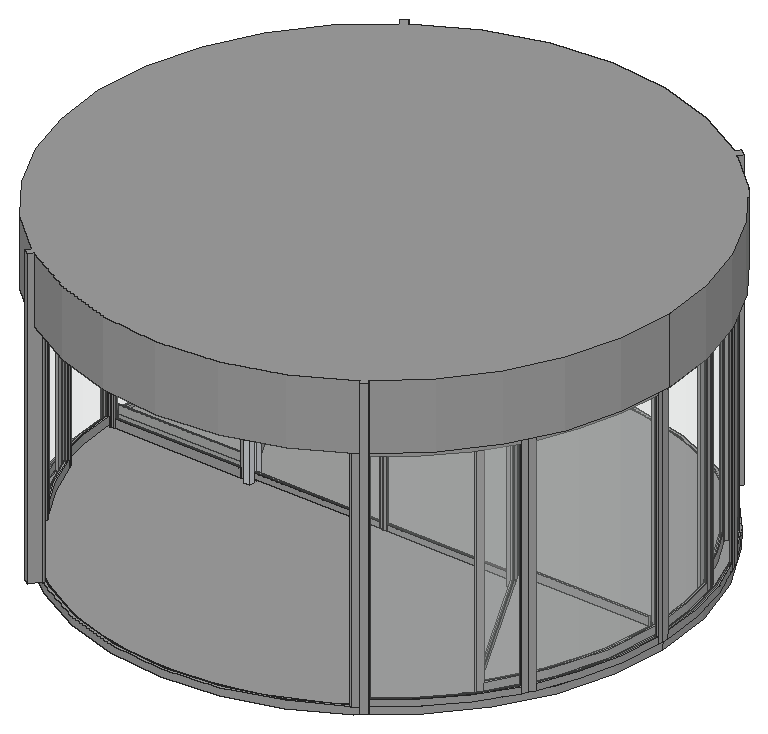
Revit family "Agta_Record_RlvngDrsetSym_K21", category Doors, Revit 2012 (continued)
Definition of nested family "Sliding doors - Door leafs and Showcase separator"
  Definition of nested family "Security Leaf"
    Parameters (values of type "Security Leaf")
      Panel Frames = Revolving Door, Aluminium
      Leaf Panel Fill = Revolving Door, Laminated Safety Glass (Clear)
    Reference planes
      plane 1 "Center (Front/Back)": y = 0
      plane 2: z = 0
      plane 3 "Center (Left/Right)": x = 0
      plane 4: x = 854
      plane 5: z = 2030
      plane 6: x = 789
      plane 7: x = 65
      plane 8: z = 1980
      plane 9: z = 90
      plane 10: x = 804
      plane 11: x = 50
      plane 12: z = 40
    Forms (mm)
      Extrusion 1, solid, material "Revolving Door, Aluminium" <- "Panel Frames"
        sketch origin (0, 0, 0) x (1, 0, 0) y (0, 1, 0)
          loop
            line (0, 0) -> (65, 0) -> (65, 8) -> (50, 8) -> (50, 18) -> (65, 18) -> (65, 26) -> (0, 26) -> (0, 0)
        from 40 to 2030
      Extrusion 2, solid, material "Revolving Door, Aluminium" <- "Panel Frames"
        sketch origin (591.5, 0, 0) x (-1, 0, 0) y (0, -1, 0)
          loop
            line (-262.5, 0) -> (-262.5, -26) -> (-197.5, -26) -> (-197.5, -18) -> (-212.5, -18) -> (-212.5, -8) -> (-197.5, -8) -> (-197.5, 0) -> (-262.5, 0)
        from 40 to 2030
      Extrusion 3, solid, material "Revolving Door, Aluminium" <- "Panel Frames"
        sketch origin (-55, 0, 0) x (0, 1, 0) y (0, 0, 1)
          loop
            line (0, 40) -> (26, 40) -> (26, 105) -> (18, 105) -> (18, 90) -> (8, 90) -> (8, 105) -> (0, 105) -> (0, 40)
        from 120 to 844
      Extrusion 4, solid, material "Revolving Door, Aluminium" <- "Panel Frames"
        sketch origin (75, 0, 0) x (0, 1, 0) y (0, 0, 1)
          loop
            line (0, 2030) -> (0, 1965) -> (8, 1965) -> (8, 1980) -> (18, 1980) -> (18, 1965) -> (26, 1965) -> (26, 2030) -> (0, 2030)
        from -10 to 714
      Extrusion 5, solid, material "Revolving Door, Laminated Safety Glass (Clear)" <- "Leaf Panel Fill"
        sketch origin (0, 0, 0) x (1, 0, 0) y (0, 1, 0)
          loop
            line (50, 18) -> (50, 8) -> (804, 8) -> (804, 18) -> (50, 18)
        from 90 to 1980
    Lines and regions (mm)
      Masking region 1
        outline origin (0, 0, 0) x (1, 0, 0) y (0, 1, 0)
          loop
            line (0, 26) -> (0, 0) -> (65, 0) -> (789, 0) -> (854, 0) -> (854, 26) -> (789, 26) -> (65, 26) -> (0, 26)
      symbolic lines, detail levels medium+fine
        curve 1: line (65, 26, 0) -> (65, 0, 0)
        curve 2: line (789, 0, 0) -> (789, 26, 0)
      symbolic lines, detail levels fine
        curve 3: line (789, 18, 0) -> (65, 18, 0)
        curve 4: line (65, 8, 0) -> (789, 8, 0)
    Dimensions and locks
      "Panel Height": plane 5 to plane 2
      "Security Leaf Width": plane 4 to plane 3 "Center (Left/Right)"
      locked: plane 7 to plane 3 "Center (Left/Right)" at 65
      locked: plane 6 to plane 4 at 65
      locked: plane 5 to plane 8 at 50
      locked: plane 9 to level at 90
      locked: plane 4 to plane 10 at 50
      locked: plane 11 to plane 3 "Center (Left/Right)" at 50
      aligned and locked: plane 2 to level
      aligned and locked: plane 5 to Extrusion 2
      aligned and locked: plane 5 to Extrusion 1
      aligned and locked: Extrusion 1 to Extrusion 2
      aligned and locked: Extrusion 4 to plane 7
      aligned and locked: Extrusion 4 to plane 6
      aligned and locked: Extrusion 3 to plane 7
      aligned and locked: Extrusion 3 to plane 6
      aligned and locked: plane 8 to Extrusion 5
      aligned and locked: Extrusion 5 to plane 9
      aligned and locked: Extrusion 5 to plane 10
      aligned and locked: Extrusion 5 to plane 11
      aligned and locked: Extrusion 2 sketch curve to plane 10
      aligned and locked: Extrusion 2 sketch curve to plane 6  (x2)
      aligned and locked: Extrusion 2 sketch curve to plane 4
      aligned and locked: plane 7 to Extrusion 1 sketch curve  (x2)
      aligned and locked: plane 11 to Extrusion 1 sketch curve
      aligned and locked: Extrusion 1 sketch curve to plane 3 "Center (Left/Right)"
      aligned and locked: Extrusion 1 to plane 12
      aligned and locked: Extrusion 3 sketch curve to plane 9
      aligned and locked: plane 8 to Extrusion 4 sketch curve
      aligned and locked: Extrusion 3 sketch curve to plane 12
      aligned and locked: Masking region 1 sketch curve to Extrusion 1  (x3)
      aligned and locked: Masking region 1 sketch curve to Extrusion 3  (x2)
      aligned and locked: Masking region 1 sketch curve to Extrusion 2  (x3)
      aligned and locked: curve 1 to Extrusion 3
      aligned and locked: curve 2 to Extrusion 3
      aligned and locked: Extrusion 5 to curve 3
      aligned and locked: Extrusion 5 to curve 4
      aligned and locked: Extrusion 3 to curve 3  (x2)
      aligned and locked: Extrusion 3 to curve 4  (x2)
    Automatic sketch dimensions
      plane 1 "Center (Front/Back)" to Extrusion 1 sketch curve = 0.00 mm
      Extrusion 1 sketch curve to plane 1 "Center (Front/Back)" = 8.00 mm
      Extrusion 1 sketch curve to Extrusion 1 sketch curve = 10.00 mm
      Extrusion 1 sketch curve to Extrusion 1 sketch curve = 8.00 mm
      Extrusion 4 sketch curve to plane 1 "Center (Front/Back)" = 0.00 mm
      Extrusion 4 sketch curve to plane 5 = 0.00 mm
      Extrusion 4 sketch curve to plane 1 "Center (Front/Back)" = 8.00 mm
      Extrusion 4 sketch curve to Extrusion 4 sketch curve = 10.00 mm
      Extrusion 4 sketch curve to Extrusion 4 sketch curve = 8.00 mm
      Extrusion 4 sketch curve to Extrusion 4 sketch curve = 15.00 mm  (x2)
      Extrusion 5 sketch curve to plane 7 = 15.00 mm
      Extrusion 5 sketch curve to plane 6 = 15.00 mm
      Extrusion 5 sketch curve to plane 1 "Center (Front/Back)" = 8.00 mm
      Extrusion 5 sketch curve to Extrusion 5 sketch curve = 10.00 mm
      plane 1 "Center (Front/Back)" to Extrusion 2 sketch curve = 0.00 mm
      plane 1 "Center (Front/Back)" to Extrusion 2 sketch curve = 8.00 mm
      Extrusion 2 sketch curve to Extrusion 2 sketch curve = 10.00 mm
      Extrusion 2 sketch curve to Extrusion 2 sketch curve = 8.00 mm
      Extrusion 3 sketch curve to plane 1 "Center (Front/Back)" = 0.00 mm
      Extrusion 3 sketch curve to Extrusion 3 sketch curve = 8.00 mm  (x2)
      Extrusion 3 sketch curve to Extrusion 3 sketch curve = 10.00 mm
      Extrusion 3 sketch curve to Extrusion 3 sketch curve = 15.00 mm
      Extrusion 3 sketch curve to Extrusion 3 sketch curve = 0.00 mm
      Masking region 1 sketch curve to plane 7 = 0.00 mm  (x2)
      Masking region 1 sketch curve to plane 6 = 0.00 mm  (x2)
      plane 1 "Center (Front/Back)" to curve 1 = 0.00 mm
      plane 1 "Center (Front/Back)" to curve 2 = 0.00 mm
      curve 4 to plane 1 "Center (Front/Back)" = 8.00 mm
      curve 4 to curve 3 = 10.00 mm
      curve 3 to curve 2 = 8.00 mm
      curve 3 to curve 1 = 8.00 mm
Definition of nested family "Movable circular panels"
  Parameters (values of type "Movable circular panels")
    Revolving Radius = Inner Radius - 56.00 mm  # 1744.00 mm
    Passage Height = 2000.00 mm
    Panel Frames = Revolving Door, Aluminium
    Inside Diameter = 2 * Inner Radius  # 3600.00 mm
    Inner Radius = 1800.00 mm
    Drum Wall Panel Fill = Revolving Door, Laminated Safety Glass (Clear)
  Reference planes
    plane 1 "Center (Front/Back)": y = 0
    plane 2: z = 0
    plane 3 "Center (Left/Right)": x = 0
    plane 4 "Top Plane": z = 2000
    plane 5: z = 40
    plane 6: z = 1947
    plane 7: z = 105
  Forms (mm)
    Extrusion 1, solid, material "Revolving Door, Aluminium" <- "Panel Frames"
      sketch origin (29.22, -1743.755, 0) x (-0.016754, 0.99986, 0) y (-0.99986, -0.016754, 0)
        loop
          line (0, -26.5) -> (0, 26.5) -> (-8, 26.5) -> (-8, 11.5) -> (-18, 11.5) -> (-18, 26.5) -> (-26, 26.5) -> (-26, -26.5) -> (-18, -26.5) -> (-18, -11.5) -> (-8, -11.5) -> (-8, -26.5) -> (0, -26.5)
      from 40 to 2000
    Extrusion 2, solid, material "Revolving Door, Aluminium" <- "Panel Frames"
      sketch origin (518.622, -1665.103, 0) x (-0.297375, 0.954761, 0) y (-0.954761, -0.297375, 0)
        loop
          line (0, -26.5) -> (0, 26.5) -> (-8, 26.5) -> (-8, 11.5) -> (-18, 11.5) -> (-18, 26.5) -> (-26, 26.5) -> (-26, -26.5) -> (0, -26.5)
      from 40 to 2000
    Extrusion 3, solid, material "Revolving Door, Aluminium" <- "Panel Frames"
      sketch origin (-1009.025, -1422.464, 0) x (0.57857, 0.815633, 0) y (-0.815633, 0.57857, 0)
        loop
          arc (0, 25.5) -> (-13, 38.5) -> (-26, 25.5) r 13
          line (-26, 25.5) -> (-26, -26.5) -> (-18, -26.5) -> (-18, -11.5) -> (-8, -11.5) -> (-8, -26.5) -> (0, -26.5) -> (0, 25.5)
      from 40 to 2000
    Extrusion 4, solid, material "Revolving Door, Aluminium" <- "Panel Frames"
      sketch origin (518.622, -1665.103, 0) x (-0.297375, 0.954761, 0) y (-0.954761, -0.297375, 0)
        loop
          line (0, -26.5) -> (-26, -26.5) -> (-26, -36.6) -> (-27, -36.6) -> (-27, -68.8)
          arc (-27, -68.8) -> (-13, -81.8) -> (1, -68.8) r 14.038
          line (1, -68.8) -> (1, -36.603) -> (0, -36.603) -> (0, -26.5)
      from 40 to 2000
    Extrusion 5, solid, material "Revolving Door, Aluminium" <- "Panel Frames"
      sketch origin (525.322, -1662.063, 0) x (-0.301372, 0.953507, 0) y (-0.953507, -0.301372, 0)
        loop
          arc (55.106, 20.5) -> (42.106, 33.5) -> (29.106, 20.5) r 13
          line (29.106, 20.5) -> (29.106, -26.5) -> (37.106, -26.5) -> (37.106, -11.5) -> (47.106, -11.5) -> (47.106, -26.5) -> (55.106, -26.5) -> (55.106, 20.5)
      from 40 to 2000
    Extrusion 6, solid, material "Revolving Door, Aluminium" <- "Panel Frames"
      sketch origin (985.051, -1439.17, 0) x (-0.564823, 0.825212, 0) y (-0.825212, -0.564823, 0)
        loop
          line (56, -26.5) -> (56, 26.5) -> (48, 26.5) -> (48, 11.5) -> (38, 11.5) -> (38, 26.5) -> (30, 26.5) -> (30, -26.5) -> (56, -26.5)
      from 40 to 2000
    Extrusion 7, solid, material "Revolving Door, Aluminium" <- "Panel Frames"
      sketch origin (985.051, -1439.17, 0) x (-0.564823, 0.825212, 0) y (-0.825212, -0.564823, 0)
        loop
          line (56, -26.5) -> (30, -26.5) -> (30, -36.6) -> (29, -36.6) -> (29, -68.8)
          arc (29, -68.8) -> (43, -81.8) -> (57, -68.8) r 14.038
          line (57, -68.8) -> (57, -36.603) -> (56, -36.603) -> (56, -26.5)
      from 40 to 2000
    Extrusion 8, solid, material "Revolving Door, Aluminium" <- "Panel Frames"
      sketch origin (985.051, -1439.17, 0) x (-0.564823, 0.825212, 0) y (-0.825212, -0.564823, 0)
        loop
          line (30, -21.5) -> (30, 4.5) -> (-5, 4.5) -> (-5, -21.5) -> (30, -21.5)
      from 40 to 2000
    Extrusion 9, solid, material "Revolving Door, Aluminium" <- "Panel Frames"
      sketch origin (-29.22, 1743.755, 0) x (0.016754, -0.99986, 0) y (0.99986, 0.016754, 0)
        loop
          line (0, -26.5) -> (0, 26.5) -> (-8, 26.5) -> (-8, 11.5) -> (-18, 11.5) -> (-18, 26.5) -> (-26, 26.5) -> (-26, -26.5) -> (-18, -26.5) -> (-18, -11.5) -> (-8, -11.5) -> (-8, -26.5) -> (0, -26.5)
      from 40 to 2000
    Extrusion 10, solid, material "Revolving Door, Aluminium" <- "Panel Frames"
      sketch origin (-518.622, 1665.103, 0) x (0.297375, -0.954761, 0) y (0.954761, 0.297375, 0)
        loop
          line (0, -26.5) -> (0, 26.5) -> (-8, 26.5) -> (-8, 11.5) -> (-18, 11.5) -> (-18, 26.5) -> (-26, 26.5) -> (-26, -26.5) -> (0, -26.5)
      from 40 to 2000
    Extrusion 11, solid, material "Revolving Door, Aluminium" <- "Panel Frames"
      sketch origin (1009.025, 1422.464, 0) x (-0.57857, -0.815633, 0) y (0.815633, -0.57857, 0)
        loop
          arc (0, 25.5) -> (-13, 38.5) -> (-26, 25.5) r 13
          line (-26, 25.5) -> (-26, -26.5) -> (-18, -26.5) -> (-18, -11.5) -> (-8, -11.5) -> (-8, -26.5) -> (0, -26.5) -> (0, 25.5)
      from 40 to 2000
    Extrusion 12, solid, material "Revolving Door, Aluminium" <- "Panel Frames"
      sketch origin (-518.622, 1665.103, 0) x (0.297375, -0.954761, 0) y (0.954761, 0.297375, 0)
        loop
          line (0, -26.5) -> (-26, -26.5) -> (-26, -36.6) -> (-27, -36.6) -> (-27, -68.8)
          arc (-27, -68.8) -> (-13, -81.8) -> (1, -68.8) r 14.038
          line (1, -68.8) -> (1, -36.603) -> (0, -36.603) -> (0, -26.5)
      from 40 to 2000
    Extrusion 13, solid, material "Revolving Door, Aluminium" <- "Panel Frames"
      sketch origin (-525.322, 1662.063, 0) x (0.301372, -0.953507, 0) y (0.953507, 0.301372, 0)
        loop
          arc (55.106, 20.5) -> (42.106, 33.5) -> (29.106, 20.5) r 13
          line (29.106, 20.5) -> (29.106, -26.5) -> (37.106, -26.5) -> (37.106, -11.5) -> (47.106, -11.5) -> (47.106, -26.5) -> (55.106, -26.5) -> (55.106, 20.5)
      from 40 to 2000
    Extrusion 14, solid, material "Revolving Door, Aluminium" <- "Panel Frames"
      sketch origin (-985.051, 1439.17, 0) x (0.564823, -0.825212, 0) y (0.825212, 0.564823, 0)
        loop
          line (56, -26.5) -> (56, 26.5) -> (48, 26.5) -> (48, 11.5) -> (38, 11.5) -> (38, 26.5) -> (30, 26.5) -> (30, -26.5) -> (56, -26.5)
      from 40 to 2000
    Extrusion 15, solid, material "Revolving Door, Aluminium" <- "Panel Frames"
      sketch origin (-985.051, 1439.17, 0) x (0.564823, -0.825212, 0) y (0.825212, 0.564823, 0)
        loop
          line (56, -26.604) -> (30, -26.604) -> (30, -36.6) -> (29, -36.6) -> (29, -68.8)
          arc (29, -68.8) -> (43, -81.8) -> (57, -68.8) r 14.038
          line (57, -68.8) -> (57, -36.603) -> (56, -36.603) -> (56, -26.604)
      from 40 to 2000
    Extrusion 16, solid, material "Revolving Door, Aluminium" <- "Panel Frames"
      sketch origin (-985.051, 1439.17, 0) x (0.564823, -0.825212, 0) y (0.825212, 0.564823, 0)
        loop
          line (30, -21.5) -> (30, 4.5) -> (-5, 4.5) -> (-5, -21.5) -> (30, -21.5)
      from 40 to 2000
    Extrusion 17, solid, material "Revolving Door, Laminated Safety Glass (Clear)" <- "Drum Wall Panel Fill"
      sketch origin (985.051, -1439.17, 0) x (-0.564823, 0.825212, 0) y (-0.825212, -0.564823, 0)
        loop
          arc (48, 26.5) -> (64.372, 248.775) -> (113.133, 466.252) r 1517.083
          line (113.133, 466.252) -> (117.481, 480.608) -> (107.91, 483.507) -> (103.562, 469.151)
          arc (103.562, 469.151) -> (54.48, 250.24) -> (38, 26.5) r 1527.083
          line (38, 26.5) -> (38, 11.5) -> (48, 11.5) -> (48, 26.5)
      from 1947 to 105
    Extrusion 18, solid, material "Revolving Door, Laminated Safety Glass (Clear)" <- "Drum Wall Panel Fill"
      sketch origin (0, 0, 0) x (1, 0, 0) y (0, 1, 0)
        loop
          arc (495.7, -1680.621) -> (278.299, -1731.672) -> (55.85, -1751.31) r 1567.418
          line (55.85, -1751.31) -> (40.852, -1751.561) -> (41.02, -1761.56) -> (56.017, -1761.309)
          arc (56.017, -1761.309) -> (279.886, -1741.546) -> (498.673, -1690.169) r 1577.418
          line (498.673, -1690.169) -> (512.995, -1685.708) -> (510.021, -1676.161) -> (495.7, -1680.621)
      from 1947 to 105
    Extrusion 19, solid, material "Revolving Door, Laminated Safety Glass (Clear)" <- "Drum Wall Panel Fill"
      sketch origin (0, 0, 0) x (1, 0, 0) y (0, 1, 0)
        loop
          arc (-997.825, -1452.477) -> (-516.894, -1688.934) -> (14.016, -1762.012) r 1681.027
          line (14.016, -1762.012) -> (18.023, -1761.945) -> (17.855, -1751.947) -> (13.848, -1752.014)
          arc (13.848, -1752.014) -> (-513.938, -1679.381) -> (-992.04, -1444.321) r 1671.026
          line (-992.04, -1444.321) -> (-1004.274, -1435.643) -> (-1010.06, -1443.799) -> (-997.825, -1452.477)
      from 1947 to 105
    Extrusion 20, solid, material "Revolving Door, Laminated Safety Glass (Clear)" <- "Drum Wall Panel Fill"
      sketch origin (0, 0, 0) x (1, 0, 0) y (0, 1, 0)
        loop
          line (-954.098, 1414.307) -> (-948.45, 1406.055) -> (-936.072, 1414.528)
          arc (-936.072, 1414.528) -> (-743.401, 1526.563) -> (-536.394, 1609.161) r 1517.083
          line (-536.394, 1609.161) -> (-522.091, 1613.682) -> (-525.105, 1623.217) -> (-539.408, 1618.696)
          arc (-539.408, 1618.696) -> (-747.779, 1535.554) -> (-941.72, 1422.78) r 1527.083
          line (-941.72, 1422.78) -> (-954.098, 1414.307)
      from 1947 to 105
    Extrusion 21, solid, material "Revolving Door, Laminated Safety Glass (Clear)" <- "Drum Wall Panel Fill"
      sketch origin (0, 0, 0) x (1, 0, 0) y (0, 1, 0)
        loop
          line (-512.995, 1685.708) -> (-510.021, 1676.161) -> (-495.7, 1680.621)
          arc (-495.7, 1680.621) -> (-278.299, 1731.672) -> (-55.85, 1751.31) r 1567.418
          line (-55.85, 1751.31) -> (-40.852, 1751.561) -> (-41.02, 1761.56) -> (-56.017, 1761.309)
          arc (-56.017, 1761.309) -> (-279.886, 1741.546) -> (-498.673, 1690.169) r 1577.418
          line (-498.673, 1690.169) -> (-512.995, 1685.708)
      from 1947 to 105
    Extrusion 22, solid, material "Revolving Door, Laminated Safety Glass (Clear)" <- "Drum Wall Panel Fill"
      sketch origin (0, 0, 0) x (1, 0, 0) y (0, 1, 0)
        loop
          line (-18.023, 1761.945) -> (-17.855, 1751.947) -> (-3.796, 1752.182)
          arc (-3.796, 1752.182) -> (518.738, 1677.876) -> (992.04, 1444.321) r 1671.185
          line (992.04, 1444.321) -> (1004.274, 1435.643) -> (1010.06, 1443.799) -> (997.825, 1452.477)
          arc (997.825, 1452.477) -> (521.694, 1687.429) -> (-3.963, 1762.181) r 1681.185
          line (-3.963, 1762.181) -> (-18.023, 1761.945)
      from 1947 to 105
    Sweep 23, solid, material "Revolving Door, Aluminium" <- "Panel Frames"
      path origin (985.051, -1439.17, 0) x (-0.564823, 0.825212, 0) y (-0.825212, -0.564823, 0)
        loop
          arc (95.906, 471.47) -> (48.294, 251.156) -> (30, 26.5) r 1714.205
      profile origin (750.517, -1541.176, 0) x (-0.437822, 0.899062, 0) y (0, 0, 1)
        loop
          line (0, 40) -> (26, 40) -> (26, 105) -> (0, 105) -> (0, 40)
    Sweep 24, solid, material "Revolving Door, Aluminium" <- "Panel Frames"
      path origin (-525.592, 1662.916, 0) x (0.301372, -0.953507, 0) y (0.953507, 0.301372, 0)
        loop
          arc (95.906, -471.47) -> (48.294, -251.156) -> (30, -26.5) r 1714.205
      profile origin (-750.517, 1541.176, 0) x (-0.437822, 0.899062, 0) y (0, 0, 1)
        loop
          line (0, 40) -> (0, 105) -> (-26, 105) -> (-26, 40) -> (0, 40)
    Sweep 25, solid, material "Revolving Door, Aluminium" <- "Panel Frames"
      path origin (29.22, -1743.755, 0) x (-0.016754, 0.99986, 0) y (-0.99986, -0.016754, 0)
        loop
          arc (-26, -26.5) -> (-8.232, -251.564) -> (38.036, -472.536) r 1770.198
      profile origin (280.886, -1747.771, 0) x (-0.158675, 0.987331, 0) y (0, 0, 1)
        loop
          line (0, 40) -> (26, 40) -> (26, 105) -> (0, 105) -> (0, 40)
    Sweep 26, solid, material "Revolving Door, Aluminium" <- "Panel Frames"
      path origin (-29.22, 1743.755, 0) x (0.016754, -0.99986, 0) y (0.99986, 0.016754, 0)
        loop
          arc (38.036, -472.536) -> (-8.232, -251.564) -> (-26, -26.5) r 1770.198
      profile origin (-280.886, 1747.771, 0) x (-0.158675, 0.987331, 0) y (0, 0, 1)
        loop
          line (0, 40) -> (0, 105) -> (-26, 105) -> (-26, 40) -> (0, 40)
    Sweep 27, solid, material "Revolving Door, Aluminium" <- "Panel Frames"
      path origin (29.22, -1743.755, 0) x (-0.016754, 0.99986, 0) y (-0.99986, -0.016754, 0)
        loop
          arc (301.998, 1026.758) -> (61.927, 551.574) -> (-26, 26.5) r 1770.198
      profile origin (-523.314, -1691.078, 0) x (0.295625, 0.955304, 0) y (0, 0, 1)
        loop
          line (0, 40) -> (26, 40) -> (26, 105) -> (0, 105) -> (0, 40)
    Sweep 28, solid, material "Revolving Door, Aluminium" <- "Panel Frames"
      path origin (1009.025, 1422.464, 0) x (-0.57857, -0.815633, 0) y (0.815633, -0.57857, 0)
        loop
          arc (301.998, -1026.758) -> (61.927, -551.574) -> (-26, -26.5) r 1770.198
      profile origin (523.314, 1691.078, 0) x (0.295625, 0.955304, 0) y (0, 0, 1)
        loop
          line (0, 40) -> (0, 105) -> (-26, 105) -> (-26, 40) -> (0, 40)
    Sweep 29, solid, material "Revolving Door, Aluminium" <- "Panel Frames"
      path origin (0, 0, 2000) x (-1, 0, 0) y (0, -1, 0)
        loop
          arc (-541.819, 1626.324) -> (-750.517, 1541.176) -> (-946.238, 1429.381) r 1714.205
      profile origin (750.517, -1541.176, 2000) x (-0.437822, 0.899062, 0) y (0, 0, 1)
        loop
          line (0, 0) -> (0, -53) -> (26, -53) -> (26, 0) -> (0, 0)
    Sweep 30, solid, material "Revolving Door, Aluminium" <- "Panel Frames"
      path origin (0, 0, 2000) x (-1, 0, 0) y (0, -1, 0)
        loop
          arc (-56.152, 1769.308) -> (-280.886, 1747.771) -> (-501.052, 1697.807) r 1770.198
      profile origin (280.886, -1747.771, 2000) x (-0.158675, 0.987331, 0) y (0, 0, 1)
        loop
          line (0, 0) -> (0, -53) -> (26, -53) -> (26, 0) -> (0, 0)
    Sweep 31, solid, material "Revolving Door, Aluminium" <- "Panel Frames"
      path origin (0, 0, 2000) x (-1, 0, 0) y (0, -1, 0)
        loop
          arc (1002.454, 1459.003) -> (523.314, 1691.078) -> (-3.159, 1770.196) r 1770.198
      profile origin (-523.314, -1691.078, 2000) x (0.295625, 0.955304, 0) y (0, 0, 1)
        loop
          line (0, 0) -> (0, -53) -> (26, -53) -> (26, 0) -> (0, 0)
    Sweep 32, solid, material "Revolving Door, Aluminium" <- "Panel Frames"
      path origin (0, 0, 2000) x (-1, 0, 0) y (0, -1, 0)
        loop
          arc (946.238, -1429.381) -> (750.517, -1541.176) -> (541.819, -1626.324) r 1714.205
      profile origin (-750.517, 1541.176, 2000) x (-0.437822, 0.899062, 0) y (0, 0, 1)
        loop
          line (0, 0) -> (-26, 0) -> (-26, -53) -> (0, -53) -> (0, 0)
    Sweep 33, solid, material "Revolving Door, Aluminium" <- "Panel Frames"
      path origin (0, 0, 2000) x (-1, 0, 0) y (0, -1, 0)
        loop
          arc (501.052, -1697.807) -> (280.886, -1747.771) -> (56.152, -1769.308) r 1770.198
      profile origin (-280.886, 1747.771, 2000) x (-0.158675, 0.987331, 0) y (0, 0, 1)
        loop
          line (0, 0) -> (-26, 0) -> (-26, -53) -> (0, -53) -> (0, 0)
    Sweep 34, solid, material "Revolving Door, Aluminium" <- "Panel Frames"
      path origin (0, 0, 2000) x (-1, 0, 0) y (0, -1, 0)
        loop
          arc (3.159, -1770.196) -> (-523.314, -1691.078) -> (-1002.454, -1459.003) r 1770.198
      profile origin (523.314, 1691.078, 2000) x (0.295625, 0.955304, 0) y (0, 0, 1)
        loop
          line (0, 0) -> (-26, 0) -> (-26, -53) -> (0, -53) -> (0, 0)
  Lines and regions (mm)
    Masking region 1
      outline origin (0, 0, 0) x (1, 0, 0) y (0, 1, 0)
        loop
          line (-987.411, -1437.795) -> (-1029.824, -1407.71)
          arc (-1029.824, -1407.71) -> (-1047.949, -1410.792) -> (-1044.867, -1428.917) r 13
          line (-1044.867, -1428.917) -> (-1002.454, -1459.003)
          arc (-1002.454, -1459.003) -> (-523.314, -1691.078) -> (3.159, -1770.196) r 1770.198
          line (3.159, -1770.196) -> (56.152, -1769.308)
          arc (56.152, -1769.308) -> (280.886, -1747.771) -> (501.052, -1697.807) r 1770.198
          line (501.052, -1697.807) -> (551.655, -1682.046) -> (561.298, -1679.043) -> (561.595, -1679.997) -> (592.338, -1670.422)
          arc (592.338, -1670.422) -> (600.587, -1653.189) -> (584.012, -1643.689) r 14.038
          line (584.012, -1643.689) -> (553.272, -1653.263) -> (553.569, -1654.218) -> (543.923, -1657.222) -> (493.507, -1672.925)
        loop
          arc (55.521, -1743.314) -> (276.832, -1722.089) -> (493.646, -1672.884) r 1744.198
        loop
          line (55.666, -1743.312) -> (2.919, -1744.196)
        loop
          arc (-987.53, -1437.711) -> (-515.535, -1666.269) -> (3.064, -1744.196) r 1744.198
    Masking region 2
      outline origin (0, 0, 0) x (1, 0, 0) y (0, 1, 0)
        loop
          line (-533.983, 1601.532) -> (-489.168, 1615.698)
          arc (-489.168, 1615.698) -> (-480.691, 1632.011) -> (-497.004, 1640.489) r 13
          line (-497.004, 1640.489) -> (-541.819, 1626.324)
          arc (-541.819, 1626.324) -> (-750.517, 1541.176) -> (-946.238, 1429.381) r 1714.205
          line (-946.238, 1429.381) -> (-989.975, 1399.446) -> (-998.309, 1393.741) -> (-998.874, 1394.566) -> (-1025.446, 1376.379)
          arc (-1025.446, 1376.379) -> (-1028.266, 1357.483) -> (-1009.631, 1353.273) r 14.038
          line (-1009.631, 1353.273) -> (-983.062, 1371.458) -> (-983.627, 1372.284) -> (-975.289, 1377.99) -> (-931.72, 1407.812)
        loop
          arc (-931.843, 1407.73) -> (-739.224, 1517.756) -> (-533.841, 1601.577) r 1688.205
    Masking region 3, detail levels medium+fine
      outline origin (0, 0, 0) x (1, 0, 0) y (0, 1, 0)
        loop
          line (-964.393, 1416.955) -> (-984.162, 1445.838) -> (-1005.617, 1431.152) -> (-985.849, 1402.27) -> (-964.393, 1416.955)
    Masking region 4, detail levels medium+fine
      outline origin (0, 0, 0) x (1, 0, 0) y (0, 1, 0)
        loop
          line (984.162, -1445.838) -> (1005.617, -1431.152) -> (985.849, -1402.27) -> (964.393, -1416.955) -> (984.162, -1445.838)
    Masking region 5
      outline origin (-2636.748, -4572, 105) x (-1, 0, 0) y (0, -1, 0)
        loop
          line (-3170.539, -2970.406) -> (-3125.916, -2956.302)
          arc (-3125.916, -2956.302) -> (-3117.439, -2939.989) -> (-3133.752, -2931.511) r 13
          line (-3133.752, -2931.511) -> (-3178.567, -2945.676)
          arc (-3178.567, -2945.676) -> (-3387.265, -3030.824) -> (-3582.987, -3142.619) r 1714.205
          line (-3582.987, -3142.619) -> (-3626.723, -3172.554) -> (-3635.057, -3178.259) -> (-3635.622, -3177.434) -> (-3662.194, -3195.621)
          arc (-3662.194, -3195.621) -> (-3665.014, -3214.517) -> (-3646.379, -3218.727) r 14.038
          line (-3646.379, -3218.727) -> (-3619.81, -3200.542) -> (-3620.375, -3199.716) -> (-3612.037, -3194.01) -> (-3568.468, -3164.188)
          arc (-3568.468, -3164.188) -> (-3375.881, -3054.2) -> (-3170.539, -2970.406) r 1688.205
    Masking region 6
      outline origin (-2636.748, -4572, 105) x (-1, 0, 0) y (0, -1, 0)
        loop
          arc (-2633.684, -6316.196) -> (-3152.283, -6238.269) -> (-3624.278, -6009.711) r 1744.198
          line (-3624.278, -6009.711) -> (-3666.572, -5979.71)
          arc (-3666.572, -5979.71) -> (-3684.697, -5982.792) -> (-3681.615, -6000.917) r 13
          line (-3681.615, -6000.917) -> (-3639.202, -6031.003)
          arc (-3639.202, -6031.003) -> (-3160.062, -6263.078) -> (-2633.589, -6342.196) r 1770.198
          line (-2633.589, -6342.196) -> (-2580.597, -6341.308)
          arc (-2580.597, -6341.308) -> (-2355.862, -6319.771) -> (-2135.696, -6269.807) r 1770.198
          line (-2135.696, -6269.807) -> (-2085.093, -6254.046) -> (-2075.45, -6251.043) -> (-2075.153, -6251.997) -> (-2044.41, -6242.422)
          arc (-2044.41, -6242.422) -> (-2036.161, -6225.189) -> (-2052.736, -6215.689) r 14.038
          line (-2052.736, -6215.689) -> (-2083.476, -6225.263) -> (-2083.179, -6226.218) -> (-2092.825, -6229.222) -> (-2143.241, -6244.925)
        loop
          arc (-2143.102, -6244.884) -> (-2359.916, -6294.089) -> (-2581.227, -6315.314) r 1744.198
        loop
          line (-2581.082, -6315.312) -> (-2633.829, -6316.196)
    reference lines
      curve 1: circle (0, 0, 0) r 1744 normal (0, 0, 1)
      curve 2: line (518.622, -1665.103, 0) -> (0, 0, 0)
      curve 3: line (29.22, -1743.755, 0) -> (0, 0, 0)
      curve 4: line (-1009.025, -1422.464, 0) -> (0, 0, 0)
      curve 5: line (525.592, -1662.916, 0) -> (0, 0, 0)
      curve 6: line (985.051, -1439.17, 0) -> (0, 0, 0)
      curve 7: line (-518.622, 1665.103, 0) -> (0, 0, 0)
      curve 8: line (-29.22, 1743.755, 0) -> (0, 0, 0)
      curve 9: line (1009.025, 1422.464, 0) -> (0, 0, 0)
      curve 10: line (-525.592, 1662.916, 0) -> (0, 0, 0)
      curve 11: line (-985.051, 1439.17, 0) -> (0, 0, 0)
      curve 13: line (530.969, -1591.998, 0) -> (544.531, -1634.906, 0)
      curve 14: line (928.729, -1403.8, 0) -> (951.322, -1436.808, 0)
      curve 15: line (-928.729, 1403.8, 0) -> (-948.498, 1432.682, 0)
      curve 16: line (-542.921, 1629.811, 0) -> (-532.778, 1597.719, 0)
      curve 17: line (491.019, -1665.595, 0) -> (503.398, -1705.338, 0)
      curve 18: line (56.302, -1778.306, 0) -> (55.566, -1734.34, 0)
      curve 19: line (-490.04, 1662.45, 0) -> (-504.909, 1710.188, 0)
      curve 20: line (-56.375, 1782.637, 0) -> (-55.507, 1730.827, 0)
      curve 21: line (-1008.24, -1467.159, 0) -> (-982.204, -1430.455, 0)
      curve 22: line (2.561, -1734.485, 0) -> (3.31, -1779.194, 0)
      curve 23: line (-2.514, 1731.715, 0) -> (-3.382, 1783.525, 0)
      curve 24: line (1010.659, 1470.569, 0) -> (979.311, 1426.377, 0)
    model lines
      curve 12: line (536.394, -1609.161, 0) -> (533.983, -1601.533, 0)
    symbolic lines
      curve 25: arc (-924.57, 1305.889, 0) -> (-831.623, 1366.96, 0) -> (-734.658, 1421.426, 0) r 1600.055
      curve 26: line (-924.57, 1305.889, 0) -> (-915.363, 1355.034, 0)
      curve 27: line (-924.57, 1305.889, 0) -> (-875.424, 1296.683, 0)
      curve 28: arc (924.57, -1305.889, 0) -> (831.623, -1366.96, 0) -> (734.658, -1421.426, 0) r 1600.055
      curve 29: line (924.57, -1305.889, 0) -> (915.363, -1355.034, 0)
      curve 30: line (924.57, -1305.889, 0) -> (875.424, -1296.683, 0)
    symbolic lines, detail levels medium+fine
      curve 31: line (-975.375, 1377.931, 105) -> (-990.061, 1399.387, 105)
      curve 32: line (-931.885, 1407.699, 105) -> (-946.238, 1429.381, 105)
      curve 33: line (-533.6, 1601.654, 105) -> (-541.819, 1626.324, 105)
      curve 36: line (975.289, -1377.99, 105) -> (989.975, -1399.446, 105)
      curve 37: line (946.238, -1429.381, 105) -> (931.885, -1407.699, 105)
      curve 38: line (541.819, -1626.324, 105) -> (533.6, -1601.654, 105)
      curve 41: line (-543.923, 1657.222, 105) -> (-551.655, 1682.046, 105)
      curve 42: line (-493.692, 1672.868, 105) -> (-501.052, 1697.807, 105)
      curve 43: line (-55.327, 1743.318, 105) -> (-56.152, 1769.308, 105)
      curve 44: line (-3.113, 1744.193, 105) -> (-3.159, 1770.196, 105)
      curve 45: line (987.729, 1437.571, 105) -> (1002.454, 1459.003, 105)
      curve 50: line (-1002.454, -1459.003, 105) -> (-987.729, -1437.571, 105)
      curve 51: line (3.159, -1770.196, 105) -> (3.113, -1744.193, 105)
      curve 52: line (56.152, -1769.308, 105) -> (55.327, -1743.318, 105)
      curve 53: line (501.052, -1697.807, 105) -> (493.692, -1672.868, 105)
      curve 54: line (543.923, -1657.222, 105) -> (551.655, -1682.046, 105)
    symbolic lines, detail levels fine
      curve 34: arc (-539.408, 1618.696, 105) -> (-747.779, 1535.554, 105) -> (-941.72, 1422.78, 105) r 1527.083
      curve 35: arc (-936.072, 1414.528, 105) -> (-743.401, 1526.563, 105) -> (-536.394, 1609.161, 105) r 1517.083
      curve 39: arc (936.158, -1414.469, 105) -> (743.401, -1526.563, 105) -> (536.295, -1609.193, 105) r 1517.083
      curve 40: arc (539.408, -1618.696, 105) -> (747.779, -1535.554, 105) -> (941.72, -1422.78, 105) r 1527.083
      curve 46: arc (-56.017, 1761.309, 105) -> (-279.886, 1741.546, 105) -> (-498.673, 1690.169, 105) r 1577.418
      curve 47: arc (-495.794, 1680.592, 105) -> (-278.299, 1731.672, 105) -> (-55.751, 1751.312, 105) r 1567.418
      curve 48: arc (997.825, 1452.477, 105) -> (522.085, 1687.309, 105) -> (-3.145, 1762.195, 105) r 1681.185
      curve 49: arc (-3.127, 1752.194, 105) -> (519.104, 1677.763, 105) -> (992.12, 1444.264, 105) r 1671.185
      curve 55: arc (3.127, -1752.23, 105) -> (-519.11, -1677.79, 105) -> (-992.12, -1444.264, 105) r 1671.026
      curve 56: arc (-997.825, -1452.477, 105) -> (-522.091, -1687.335, 105) -> (3.145, -1762.231, 105) r 1681.027
      curve 57: arc (495.794, -1680.592, 105) -> (278.299, -1731.672, 105) -> (55.751, -1751.312, 105) r 1567.418
      curve 58: arc (56.017, -1761.309, 105) -> (279.886, -1741.546, 105) -> (498.673, -1690.169, 105) r 1577.418
  Dimensions and locks
    "Passage Height": plane 4 "Top Plane" to plane 2
    locked: plane 4 "Top Plane" to plane 6 at 53
    locked: plane 5 to level at 40
    locked: plane 7 to plane 5 at 65
    "Revolving Radius": radius of curve 1
    angle curve 4 to plane 3 "Center (Left/Right)" = 35.35°
    angle plane 3 "Center (Left/Right)" to curve 3 = 0.96°
    angle plane 3 "Center (Left/Right)" to curve 2 = 17.30°
    angle plane 3 "Center (Left/Right)" to curve 5 = 17.54°
    angle plane 3 "Center (Left/Right)" to curve 6 = 34.39°
    angle curve 9 to plane 3 "Center (Left/Right)" = 35.35°
    angle plane 3 "Center (Left/Right)" to curve 8 = 0.96°
    angle plane 3 "Center (Left/Right)" to curve 7 = 17.30°
    angle plane 3 "Center (Left/Right)" to curve 10 = 17.54°
    angle plane 3 "Center (Left/Right)" to curve 11 = 34.39°
    aligned and locked: level to plane 2
    aligned and locked: plane 4 "Top Plane" to Extrusion 3
    aligned and locked: Extrusion 3 to plane 5
    aligned and locked: plane 4 "Top Plane" to Extrusion 1
    aligned and locked: Extrusion 1 to plane 5
    aligned and locked: plane 4 "Top Plane" to Extrusion 4
    aligned and locked: Extrusion 4 to plane 5
    aligned and locked: Extrusion 2 to plane 5
    aligned and locked: plane 4 "Top Plane" to Extrusion 2
    aligned and locked: plane 4 "Top Plane" to Extrusion 5
    aligned and locked: Extrusion 5 to plane 5
    aligned and locked: plane 4 "Top Plane" to Extrusion 8
    aligned and locked: plane 4 "Top Plane" to Extrusion 7
    aligned and locked: plane 4 "Top Plane" to Extrusion 6
    aligned and locked: Extrusion 7 to plane 5
    aligned and locked: Extrusion 8 to plane 5
    aligned and locked: Extrusion 6 to plane 5
    aligned and locked: Extrusion 17 sketch curve to Extrusion 6  (x3)
    aligned and locked: Extrusion 17 sketch curve to Extrusion 5  (x3)
    aligned and locked: Extrusion 18 sketch curve to Extrusion 2  (x3)
    aligned and locked: Extrusion 18 sketch curve to Extrusion 1  (x3)
    aligned and locked: Extrusion 19 sketch curve to Extrusion 3  (x3)
    aligned and locked: Extrusion 19 sketch curve to Extrusion 1  (x2)
    aligned and locked: Extrusion 1 to Extrusion 19 sketch curve
    aligned and locked: Extrusion 20 sketch curve to Extrusion 14  (x3)
    aligned and locked: Extrusion 20 sketch curve to Extrusion 13  (x3)
    aligned and locked: Extrusion 21 sketch curve to Extrusion 10  (x3)
    aligned and locked: Extrusion 21 sketch curve to Extrusion 9  (x3)
    aligned and locked: Extrusion 22 sketch curve to Extrusion 9  (x2)
    aligned and locked: Extrusion 9 to Extrusion 22 sketch curve
    aligned and locked: Extrusion 22 sketch curve to Extrusion 11  (x3)
    aligned and locked: plane 6 to Extrusion 19
    aligned and locked: Extrusion 19 to plane 7
    aligned and locked: plane 6 to Extrusion 20
    aligned and locked: Extrusion 20 to plane 7
    aligned and locked: plane 6 to Extrusion 21
    aligned and locked: Extrusion 21 to plane 7
    aligned and locked: plane 6 to Extrusion 18
    aligned and locked: Extrusion 18 to plane 7
    aligned and locked: plane 6 to Extrusion 22
    aligned and locked: Extrusion 22 to plane 7
    aligned and locked: plane 6 to Extrusion 17
    aligned and locked: Extrusion 17 to plane 7
    aligned and locked: curve 12 to Extrusion 5
    aligned and locked: curve 13 to Extrusion 5
    aligned and locked: curve 14 to Extrusion 6
    aligned and locked: curve 13 to Sweep 23 sketch curve
    aligned and locked: curve 14 to Sweep 23 sketch curve
    aligned and locked: plane 5 to Sweep 23
    aligned and locked: curve 15 to Extrusion 14  (x2)
    aligned and locked: curve 16 to Extrusion 13  (x2)
    aligned and locked: curve 16 to Sweep 24 sketch curve
    aligned and locked: curve 15 to Sweep 24 sketch curve
    aligned and locked: Sweep 24 to plane 5
    aligned and locked: curve 17 to Extrusion 2
    aligned and locked: curve 18 to Extrusion 1  (x2)
    aligned and locked: curve 17 to Sweep 25 sketch curve
    aligned and locked: curve 18 to Sweep 25 sketch curve
    aligned and locked: plane 5 to Sweep 25
    aligned and locked: curve 19 to Extrusion 10
    aligned and locked: curve 20 to Extrusion 9  (x2)
    aligned and locked: curve 20 to Sweep 26 sketch curve
    aligned and locked: curve 19 to Sweep 26 sketch curve
    aligned and locked: Sweep 26 to plane 5
    aligned and locked: curve 21 to Extrusion 3
    aligned and locked: curve 22 to Extrusion 1
    aligned and locked: curve 22 to Sweep 27 sketch curve
    aligned and locked: curve 21 to Sweep 27 sketch curve
    aligned and locked: plane 5 to Sweep 27
    aligned and locked: curve 23 to Extrusion 9
    aligned and locked: curve 24 to Extrusion 11
    aligned and locked: curve 24 to Sweep 28 sketch curve
    aligned and locked: curve 23 to Sweep 28 sketch curve
    aligned and locked: curve 13 to Sweep 29 sketch curve
    aligned and locked: Extrusion 5 to Sweep 29 sketch curve
    aligned and locked: curve 14 to Sweep 29 sketch curve
    aligned and locked: Sweep 29 sketch curve to Extrusion 6
    aligned and locked: curve 18 to Sweep 30 sketch curve
    aligned and locked: Extrusion 1 to Sweep 30 sketch curve
    aligned and locked: curve 17 to Sweep 30 sketch curve
    aligned and locked: Sweep 30 sketch curve to Extrusion 2
    aligned and locked: curve 22 to Sweep 31 sketch curve
    aligned and locked: Sweep 31 sketch curve to Extrusion 1
    aligned and locked: curve 21 to Sweep 31 sketch curve
    aligned and locked: Extrusion 3 to Sweep 31 sketch curve
    aligned and locked: curve 15 to Sweep 32 sketch curve
    aligned and locked: Sweep 32 sketch curve to Extrusion 14
    aligned and locked: curve 16 to Sweep 32 sketch curve
    aligned and locked: Extrusion 13 to Sweep 32 sketch curve
    aligned and locked: curve 19 to Sweep 33 sketch curve
    aligned and locked: Sweep 33 sketch curve to Extrusion 10
    aligned and locked: curve 20 to Sweep 33 sketch curve
    aligned and locked: Extrusion 9 to Sweep 33 sketch curve
    aligned and locked: curve 24 to Sweep 34 sketch curve
    aligned and locked: Extrusion 11 to Sweep 34 sketch curve
    aligned and locked: curve 23 to Sweep 34 sketch curve
    aligned and locked: Sweep 34 sketch curve to Extrusion 9
    aligned and locked: plane 4 "Top Plane" to Extrusion 15
    aligned and locked: plane 4 "Top Plane" to Extrusion 14
    aligned and locked: plane 4 "Top Plane" to Extrusion 16
    aligned and locked: plane 4 "Top Plane" to Extrusion 12
    aligned and locked: plane 4 "Top Plane" to Extrusion 13
    aligned and locked: plane 4 "Top Plane" to Extrusion 10
    aligned and locked: plane 4 "Top Plane" to Extrusion 9
    aligned and locked: plane 4 "Top Plane" to Extrusion 11
    aligned and locked: Sweep 28 to plane 5
    aligned and locked: Masking region 1 sketch curve to Extrusion 3  (x2)
    aligned and locked: Masking region 1 sketch curve to Sweep 27  (x2)
    aligned and locked: Masking region 1 sketch curve to Extrusion 1
    aligned and locked: Masking region 1 sketch curve to Sweep 25  (x2)
    aligned and locked: Masking region 1 sketch curve to Extrusion 2  (x2)
    aligned and locked: Masking region 1 sketch curve to Extrusion 4  (x6)
    aligned and locked: Extrusion 1 to Masking region 1 sketch curve
    aligned and locked: Masking region 2 sketch curve to Extrusion 15  (x6)
    aligned and locked: Masking region 2 sketch curve to Extrusion 14  (x2)
    aligned and locked: Masking region 2 sketch curve to Sweep 24  (x2)
    aligned and locked: Masking region 2 sketch curve to Extrusion 13  (x2)
    aligned and locked: Masking region 3 sketch curve to Extrusion 16  (x4)
    aligned and locked: Masking region 4 sketch curve to Extrusion 8  (x4)
    aligned and locked: curve 31 to Extrusion 15
    aligned and locked: curve 32 to Sweep 24
    aligned and locked: curve 33 to Sweep 24
    aligned and locked: Extrusion 14 to curve 31
    aligned and locked: curve 31 to Extrusion 14
    aligned and locked: Extrusion 14 to curve 32
    aligned and locked: curve 32 to Extrusion 14
    aligned and locked: Extrusion 13 to curve 33  (x2)
    aligned and locked: curve 34 to Extrusion 20
    aligned and locked: curve 35 to Extrusion 20
    aligned and locked: curve 36 to Extrusion 7
    aligned and locked: curve 37 to Sweep 23
    aligned and locked: curve 38 to Sweep 23
    aligned and locked: Extrusion 5 to curve 38  (x2)
    aligned and locked: Extrusion 6 to curve 37
    aligned and locked: curve 37 to Extrusion 6
    aligned and locked: curve 36 to Extrusion 6
    aligned and locked: Extrusion 6 to curve 36
    aligned and locked: curve 39 to Extrusion 17
    aligned and locked: curve 40 to Extrusion 17
    aligned and locked: Masking region 5 sketch curve to Extrusion 5  (x2)
    aligned and locked: Masking region 5 sketch curve to Sweep 23  (x2)
    aligned and locked: Masking region 5 sketch curve to Extrusion 6  (x2)
    aligned and locked: Masking region 5 sketch curve to Extrusion 7  (x6)
    aligned and locked: curve 41 to Extrusion 12
    aligned and locked: curve 42 to Sweep 26
    aligned and locked: curve 43 to Sweep 26
    aligned and locked: curve 44 to Sweep 28
    aligned and locked: curve 45 to Sweep 28
    aligned and locked: Extrusion 11 to curve 45  (x2)
    aligned and locked: curve 44 to Extrusion 9
    aligned and locked: Extrusion 9 to curve 43  (x2)
    aligned and locked: Extrusion 9 to curve 44
    aligned and locked: curve 42 to Extrusion 10
    aligned and locked: Extrusion 10 to curve 41  (x2)
    aligned and locked: Extrusion 10 to curve 42
    aligned and locked: curve 46 to Extrusion 21
    aligned and locked: curve 47 to Extrusion 21
    aligned and locked: curve 48 to Extrusion 22
    aligned and locked: curve 49 to Extrusion 22
    aligned and locked: curve 50 to Sweep 27
    aligned and locked: curve 51 to Sweep 27
    aligned and locked: curve 52 to Sweep 25
    aligned and locked: curve 53 to Sweep 25
    aligned and locked: curve 54 to Extrusion 4
    aligned and locked: Extrusion 2 to curve 54
    aligned and locked: curve 53 to Extrusion 2
    aligned and locked: curve 54 to Extrusion 2
    aligned and locked: Extrusion 2 to curve 53
    aligned and locked: Extrusion 1 to curve 52  (x2)
    aligned and locked: Extrusion 1 to curve 51
    aligned and locked: curve 51 to Extrusion 1
    aligned and locked: Extrusion 3 to curve 50  (x2)
    aligned and locked: curve 55 to Extrusion 19
    aligned and locked: curve 56 to Extrusion 19
    aligned and locked: curve 57 to Extrusion 18
    aligned and locked: curve 58 to Extrusion 18
    aligned and locked: Masking region 6 sketch curve to Extrusion 11  (x2)
    aligned and locked: Masking region 6 sketch curve to Sweep 28  (x2)
    aligned and locked: Masking region 6 sketch curve to Extrusion 9
    aligned and locked: Masking region 6 sketch curve to Sweep 26  (x2)
    aligned and locked: Masking region 6 sketch curve to Extrusion 10  (x2)
    aligned and locked: Extrusion 12 to Masking region 6 sketch curve
    aligned and locked: Masking region 6 sketch curve to Extrusion 12  (x5)
    aligned and locked: Extrusion 9 to Masking region 6 sketch curve
  Automatic sketch dimensions
    Extrusion 1 sketch curve to curve 3 = 0.00 mm
    Extrusion 1 sketch curve to curve 3 = 26.50 mm
    curve 3 to Extrusion 1 sketch curve = 26.50 mm
    Extrusion 1 sketch curve to Extrusion 1 sketch curve = 8.00 mm  (x2)
    Extrusion 1 sketch curve to curve 3 = 8.00 mm
    Extrusion 1 sketch curve to Extrusion 1 sketch curve = 10.00 mm  (x2)
    Extrusion 1 sketch curve to Extrusion 1 sketch curve = 0.00 mm
    Extrusion 1 sketch curve to curve 3 = 11.50 mm  (x2)
    Extrusion 1 sketch curve to Extrusion 1 sketch curve = 15.00 mm
    Extrusion 2 sketch curve to curve 2 = 0.00 mm
    Extrusion 2 sketch curve to curve 2 = 26.50 mm
    curve 2 to Extrusion 2 sketch curve = 26.50 mm
    Extrusion 2 sketch curve to curve 2 = 8.00 mm
    Extrusion 2 sketch curve to Extrusion 2 sketch curve = 10.00 mm
    Extrusion 2 sketch curve to Extrusion 2 sketch curve = 26.00 mm
    curve 2 to Extrusion 2 sketch curve = 11.50 mm
    Extrusion 2 sketch curve to Extrusion 2 sketch curve = 0.00 mm
    curve 4 to Extrusion 3 sketch curve = 0.00 mm
    Extrusion 3 sketch curve to curve 4 = 26.50 mm
    curve 4 to Extrusion 3 sketch curve = 25.50 mm
    Extrusion 3 sketch curve to curve 4 = 8.00 mm
    Extrusion 3 sketch curve to curve 4 = 13.00 mm
    Extrusion 3 sketch curve to Extrusion 3 sketch curve = 10.00 mm
    Extrusion 3 sketch curve to Extrusion 3 sketch curve = 0.00 mm
    Extrusion 3 sketch curve to curve 4 = 11.50 mm
    curve 2 to Extrusion 4 sketch curve = 0.00 mm
    Extrusion 4 sketch curve to curve 2 = 36.603 mm
    Extrusion 4 sketch curve to curve 2 = 26.50 mm
    Extrusion 4 sketch curve to curve 2 = 13.00 mm
    Extrusion 4 sketch curve to curve 2 = 26.00 mm
    Extrusion 4 sketch curve to Extrusion 4 sketch curve = 1.00 mm
    curve 2 to Extrusion 4 sketch curve = 1.00 mm
    Extrusion 4 sketch curve to curve 2 = 67.762 mm
    Extrusion 4 sketch curve to Extrusion 4 sketch curve = 1.038 mm
    Extrusion 4 sketch curve to Extrusion 4 sketch curve = 10.10 mm
    curve 5 to Extrusion 5 sketch curve = 30.00 mm
    Extrusion 5 sketch curve to Extrusion 5 sketch curve = 8.00 mm  (x2)
    Extrusion 5 sketch curve to Extrusion 5 sketch curve = 13.00 mm
    curve 5 to Extrusion 5 sketch curve = 26.50 mm
    Extrusion 5 sketch curve to Extrusion 5 sketch curve = 0.00 mm
    curve 5 to Extrusion 5 sketch curve = 11.50 mm
    Extrusion 5 sketch curve to curve 5 = 20.50 mm
    curve 6 to Extrusion 6 sketch curve = 30.00 mm
    Extrusion 6 sketch curve to Extrusion 6 sketch curve = 8.00 mm  (x2)
    Extrusion 6 sketch curve to Extrusion 6 sketch curve = 10.00 mm
    curve 6 to Extrusion 6 sketch curve = 26.50 mm
    Extrusion 6 sketch curve to curve 6 = 11.50 mm
    Extrusion 6 sketch curve to Extrusion 6 sketch curve = 15.00 mm
    Extrusion 6 sketch curve to Extrusion 6 sketch curve = 0.00 mm
    curve 6 to Extrusion 7 sketch curve = 29.00 mm
    Extrusion 7 sketch curve to Extrusion 7 sketch curve = 1.00 mm  (x2)
    Extrusion 7 sketch curve to Extrusion 7 sketch curve = 14.00 mm
    Extrusion 7 sketch curve to Extrusion 7 sketch curve = 26.00 mm
    Extrusion 7 sketch curve to curve 6 = 68.80 mm
    Extrusion 7 sketch curve to Extrusion 7 sketch curve = 1.038 mm
    Extrusion 7 sketch curve to Extrusion 7 sketch curve = 32.197 mm
    Extrusion 7 sketch curve to Extrusion 7 sketch curve = 0.003 mm
    Extrusion 7 sketch curve to Extrusion 7 sketch curve = 10.10 mm
    Extrusion 8 sketch curve to curve 6 = 5.00 mm
    Extrusion 8 sketch curve to curve 6 = 4.50 mm
    curve 6 to Extrusion 8 sketch curve = 30.00 mm
    curve 6 to Extrusion 8 sketch curve = 21.50 mm
    curve 8 to Extrusion 9 sketch curve = 0.00 mm
    Extrusion 9 sketch curve to curve 8 = 26.50 mm
    curve 8 to Extrusion 9 sketch curve = 26.50 mm
    Extrusion 9 sketch curve to Extrusion 9 sketch curve = 8.00 mm  (x2)
    Extrusion 9 sketch curve to curve 8 = 8.00 mm
    Extrusion 9 sketch curve to Extrusion 9 sketch curve = 10.00 mm  (x2)
    Extrusion 9 sketch curve to Extrusion 9 sketch curve = 0.00 mm
    Extrusion 9 sketch curve to curve 8 = 11.50 mm  (x2)
    Extrusion 9 sketch curve to Extrusion 9 sketch curve = 15.00 mm
    curve 7 to Extrusion 10 sketch curve = 0.00 mm
    Extrusion 10 sketch curve to curve 7 = 26.50 mm
    curve 7 to Extrusion 10 sketch curve = 26.50 mm
    Extrusion 10 sketch curve to curve 7 = 8.00 mm
    Extrusion 10 sketch curve to Extrusion 10 sketch curve = 10.00 mm
    Extrusion 10 sketch curve to Extrusion 10 sketch curve = 26.00 mm
    curve 7 to Extrusion 10 sketch curve = 11.50 mm
    Extrusion 10 sketch curve to Extrusion 10 sketch curve = 0.00 mm
    Extrusion 11 sketch curve to curve 9 = 0.00 mm
    Extrusion 11 sketch curve to curve 9 = 26.50 mm
    curve 9 to Extrusion 11 sketch curve = 25.50 mm
    Extrusion 11 sketch curve to curve 9 = 8.00 mm
    Extrusion 11 sketch curve to curve 9 = 13.00 mm
    Extrusion 11 sketch curve to Extrusion 11 sketch curve = 10.00 mm
    Extrusion 11 sketch curve to Extrusion 11 sketch curve = 0.00 mm
    Extrusion 11 sketch curve to curve 9 = 11.50 mm
    Extrusion 12 sketch curve to curve 7 = 0.00 mm
    Extrusion 12 sketch curve to curve 7 = 36.603 mm
    Extrusion 12 sketch curve to curve 7 = 26.50 mm
    Extrusion 12 sketch curve to curve 7 = 13.00 mm
    Extrusion 12 sketch curve to curve 7 = 26.00 mm
    Extrusion 12 sketch curve to Extrusion 12 sketch curve = 1.00 mm
    curve 7 to Extrusion 12 sketch curve = 1.00 mm
    Extrusion 12 sketch curve to curve 7 = 67.762 mm
    Extrusion 12 sketch curve to Extrusion 12 sketch curve = 1.038 mm
    Extrusion 12 sketch curve to Extrusion 12 sketch curve = 10.10 mm
    curve 10 to Extrusion 13 sketch curve = 30.00 mm
    Extrusion 13 sketch curve to Extrusion 13 sketch curve = 8.00 mm  (x2)
    Extrusion 13 sketch curve to Extrusion 13 sketch curve = 13.00 mm
    curve 10 to Extrusion 13 sketch curve = 26.50 mm
    Extrusion 13 sketch curve to Extrusion 13 sketch curve = 0.00 mm
    curve 10 to Extrusion 13 sketch curve = 11.50 mm
    Extrusion 13 sketch curve to curve 10 = 20.50 mm
    curve 11 to Extrusion 14 sketch curve = 30.00 mm
    Extrusion 14 sketch curve to Extrusion 14 sketch curve = 8.00 mm  (x2)
    Extrusion 14 sketch curve to Extrusion 14 sketch curve = 10.00 mm
    curve 11 to Extrusion 14 sketch curve = 26.50 mm
    Extrusion 14 sketch curve to curve 11 = 11.50 mm
    Extrusion 14 sketch curve to Extrusion 14 sketch curve = 15.00 mm
    Extrusion 14 sketch curve to Extrusion 14 sketch curve = 0.00 mm
    curve 11 to Extrusion 15 sketch curve = 29.00 mm
    Extrusion 15 sketch curve to Extrusion 15 sketch curve = 1.00 mm  (x2)
    Extrusion 15 sketch curve to Extrusion 15 sketch curve = 14.00 mm
    Extrusion 15 sketch curve to Extrusion 15 sketch curve = 26.00 mm
    Extrusion 15 sketch curve to curve 11 = 68.80 mm
    Extrusion 15 sketch curve to Extrusion 15 sketch curve = 1.038 mm
    Extrusion 15 sketch curve to Extrusion 15 sketch curve = 32.197 mm
    Extrusion 15 sketch curve to Extrusion 15 sketch curve = 0.003 mm
    Extrusion 15 sketch curve to Extrusion 15 sketch curve = 9.996 mm
    Extrusion 16 sketch curve to curve 11 = 5.00 mm
    Extrusion 16 sketch curve to curve 11 = 4.50 mm
    curve 11 to Extrusion 16 sketch curve = 30.00 mm
    curve 11 to Extrusion 16 sketch curve = 21.50 mm
    plane 1 "Center (Front/Back)" to curve 3 = 0.00 mm
    curve 3 to plane 3 "Center (Left/Right)" = 0.00 mm
    plane 1 "Center (Front/Back)" to curve 1 = 0.00 mm
    curve 1 to plane 3 "Center (Left/Right)" = 0.00 mm
    Extrusion 17 sketch curve to Extrusion 17 sketch curve = 0.00 mm
    Extrusion 17 sketch curve to Extrusion 17 sketch curve = 4.348 mm
    Extrusion 17 sketch curve to Extrusion 17 sketch curve = 9.571 mm
    Extrusion 17 sketch curve to curve 6 = 26.50 mm
    Extrusion 18 sketch curve to Extrusion 18 sketch curve = 0.00 mm
    plane 3 "Center (Left/Right)" to Extrusion 18 sketch curve = 29.589 mm
    Extrusion 18 sketch curve to Extrusion 18 sketch curve = 14.998 mm
    Extrusion 18 sketch curve to Extrusion 18 sketch curve = 0.168 mm
    Extrusion 18 sketch curve to Extrusion 18 sketch curve = 14.321 mm
    Extrusion 18 sketch curve to Extrusion 18 sketch curve = 2.974 mm
    Extrusion 19 sketch curve to Extrusion 19 sketch curve = 0.00 mm
    Extrusion 19 sketch curve to Extrusion 19 sketch curve = 12.234 mm
    Extrusion 19 sketch curve to Extrusion 19 sketch curve = 5.786 mm
    Extrusion 19 sketch curve to plane 3 "Center (Left/Right)" = 25.142 mm
    plane 3 "Center (Left/Right)" to Extrusion 19 sketch curve = 13.848 mm
    Extrusion 19 sketch curve to Extrusion 19 sketch curve = 0.168 mm
    Extrusion 20 sketch curve to Extrusion 20 sketch curve = 0.00 mm
    Extrusion 20 sketch curve to Extrusion 20 sketch curve = 12.378 mm
    Extrusion 20 sketch curve to Extrusion 20 sketch curve = 5.648 mm
    Extrusion 20 sketch curve to Extrusion 20 sketch curve = 14.303 mm
    Extrusion 20 sketch curve to Extrusion 20 sketch curve = 3.014 mm
    Extrusion 20 sketch curve to plane 3 "Center (Left/Right)" = 79.189 mm
    Extrusion 21 sketch curve to Extrusion 21 sketch curve = 0.00 mm
    Extrusion 21 sketch curve to Extrusion 21 sketch curve = 14.321 mm
    Extrusion 21 sketch curve to Extrusion 21 sketch curve = 2.974 mm
    Extrusion 21 sketch curve to Extrusion 21 sketch curve = 14.998 mm
    Extrusion 21 sketch curve to Extrusion 21 sketch curve = 0.168 mm
    Extrusion 21 sketch curve to plane 3 "Center (Left/Right)" = 29.589 mm
    Extrusion 22 sketch curve to Extrusion 22 sketch curve = 0.00 mm
    Extrusion 22 sketch curve to plane 3 "Center (Left/Right)" = 3.963 mm
    Extrusion 22 sketch curve to plane 3 "Center (Left/Right)" = 3.796 mm
    plane 3 "Center (Left/Right)" to Extrusion 22 sketch curve = 25.142 mm
    Extrusion 22 sketch curve to Extrusion 22 sketch curve = 12.234 mm
    Extrusion 22 sketch curve to Extrusion 22 sketch curve = 5.786 mm
    curve 5 to curve 13 = 21.00 mm
    curve 5 to curve 13 = 26.50 mm
    curve 13 to curve 13 = 45.00 mm
    curve 13 to curve 5 = 26.50 mm
    curve 6 to curve 14 = 21.00 mm
    curve 14 to curve 14 = 40.00 mm
    curve 6 to curve 14 = 26.50 mm
    Sweep 23 sketch curve to curve 6 = 0.00 mm  (x2)
    curve 6 to Sweep 23 sketch curve = 30.00 mm
    Sweep 23 sketch curve to profile plane = 0.00 mm
    profile plane to Sweep 23 sketch curve = 40.00 mm
    Sweep 23 sketch curve to Sweep 23 sketch curve = 26.00 mm
    profile plane to Sweep 23 sketch curve = 105.00 mm
    curve 11 to curve 15 = 26.00 mm
    curve 15 to curve 15 = 35.00 mm
    curve 11 to curve 15 = 26.50 mm
    curve 10 to curve 16 = 26.343 mm
    curve 16 to curve 16 = 33.657 mm
    curve 10 to curve 16 = 26.50 mm
    curve 10 to Sweep 24 sketch curve = 0.00 mm
    Sweep 24 sketch curve to curve 10 = 0.00 mm
    curve 10 to Sweep 24 sketch curve = 30.00 mm
    profile plane to Sweep 24 sketch curve = 40.00 mm
    Sweep 24 sketch curve to profile plane = 0.00 mm
    Sweep 24 sketch curve to Sweep 24 sketch curve = 26.00 mm
    profile plane to Sweep 24 sketch curve = 105.00 mm
    curve 17 to curve 2 = 33.888 mm
    curve 2 to curve 17 = 7.738 mm
    curve 17 to curve 2 = 26.50 mm
    Sweep 25 sketch curve to curve 3 = 0.00 mm  (x2)
    Sweep 25 sketch curve to curve 3 = 26.00 mm
    Sweep 25 sketch curve to profile plane = 0.00 mm
    profile plane to Sweep 25 sketch curve = 40.00 mm
    Sweep 25 sketch curve to profile plane = 26.00 mm
    profile plane to Sweep 25 sketch curve = 105.00 mm
    curve 19 to curve 7 = 38.968 mm
    curve 7 to curve 19 = 11.032 mm
    curve 19 to curve 7 = 26.50 mm
    curve 8 to Sweep 26 sketch curve = 0.00 mm
    Sweep 26 sketch curve to curve 8 = 0.00 mm
    Sweep 26 sketch curve to curve 8 = 26.00 mm
    profile plane to Sweep 26 sketch curve = 40.00 mm
    Sweep 26 sketch curve to profile plane = 0.00 mm
    Sweep 26 sketch curve to Sweep 26 sketch curve = 26.00 mm
    profile plane to Sweep 26 sketch curve = 105.00 mm
    curve 21 to curve 4 = 36.00 mm
    curve 4 to curve 21 = 9.00 mm
    curve 21 to curve 4 = 26.50 mm
    curve 22 to curve 3 = 35.00 mm
    curve 18 to curve 3 = 35.00 mm
    curve 3 to curve 18 = 8.973 mm
    curve 3 to curve 22 = 9.716 mm
    curve 18 to curve 3 = 26.50 mm
    curve 22 to curve 3 = 26.50 mm
    Sweep 27 sketch curve to curve 3 = 0.00 mm  (x2)
    Sweep 27 sketch curve to curve 3 = 26.00 mm
    Sweep 27 sketch curve to profile plane = 0.00 mm
    profile plane to Sweep 27 sketch curve = 40.00 mm
    Sweep 27 sketch curve to profile plane = 26.00 mm
    profile plane to Sweep 27 sketch curve = 105.00 mm
    curve 23 to curve 8 = 39.331 mm
    curve 20 to curve 8 = 39.331 mm
    curve 8 to curve 23 = 12.486 mm
    curve 8 to curve 20 = 12.486 mm
    curve 20 to curve 8 = 26.50 mm
    curve 23 to curve 8 = 26.50 mm
    curve 24 to curve 9 = 40.181 mm
    curve 9 to curve 24 = 14.00 mm
    curve 24 to curve 9 = 26.50 mm
    Sweep 28 sketch curve to curve 9 = 0.00 mm  (x2)
    Sweep 28 sketch curve to curve 9 = 26.00 mm
    profile plane to Sweep 28 sketch curve = 40.00 mm
    Sweep 28 sketch curve to profile plane = 0.00 mm
    Sweep 28 sketch curve to Sweep 28 sketch curve = 26.00 mm
    profile plane to Sweep 28 sketch curve = 105.00 mm
    Sweep 29 sketch curve to plane 3 "Center (Left/Right)" = 0.00 mm
    Sweep 29 sketch curve to profile plane = 0.00 mm
    plane 4 "Top Plane" to Sweep 29 sketch curve = 0.00 mm
    Sweep 29 sketch curve to Sweep 29 sketch curve = 26.00 mm
    Sweep 29 sketch curve to plane 4 "Top Plane" = 53.00 mm
    Sweep 30 sketch curve to plane 3 "Center (Left/Right)" = 0.00 mm
    Sweep 30 sketch curve to profile plane = 0.00 mm
    plane 4 "Top Plane" to Sweep 30 sketch curve = 0.00 mm
    Sweep 30 sketch curve to profile plane = 26.00 mm
    Sweep 30 sketch curve to Sweep 30 sketch curve = 53.00 mm
    Sweep 31 sketch curve to plane 3 "Center (Left/Right)" = 0.00 mm
    Sweep 31 sketch curve to profile plane = 0.00 mm
    Sweep 31 sketch curve to plane 4 "Top Plane" = 0.00 mm
    Sweep 31 sketch curve to Sweep 31 sketch curve = 26.00 mm
    Sweep 31 sketch curve to plane 4 "Top Plane" = 53.00 mm
    Sweep 32 sketch curve to plane 3 "Center (Left/Right)" = 0.00 mm
    plane 4 "Top Plane" to Sweep 32 sketch curve = 0.00 mm
    Sweep 32 sketch curve to profile plane = 0.00 mm
